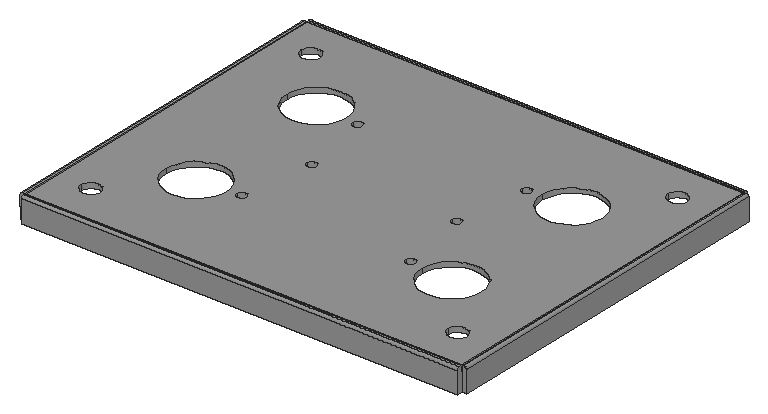
Revit family "Höhenerweiterung - HE 60UH2", category Generic Models, Revit 2017
Family settings
  Can host rebar = No
  Round Connector Dimension = Use Diameter
  Part Type = Normal
  Work Plane-Based = No
  Always vertical = Yes
  Cut with Voids When Loaded = No
  Shared = No
  Room Calculation Point = No
Parameters (values of type "HE 60UH2")
  URL = "http://www.obo-bettermann.com"
  Material = Stahl
  Manufacturer Art.No. = "7368418"
  Manufacturer = "OBO BETTERMANN"
  GTIN = "4012196692521"
  Article Type = "HE 60UH2"
Reference planes
  plane 1 "Center (Front/Back)": y = 0
  plane 2: z = 0
  plane 3 "Center (Left/Right)": x = 0
  plane 4: z = 2
  plane 5: x = 90.506
  plane 6: y = 73
  plane 7: x = 37.506
  plane 8: x = 143.506
  plane 9: y = 104
  plane 10: y = 42
  plane 11: x = 143.506
  plane 12: x = 37.506
  plane 13: y = 104
  plane 14: y = 42
  plane 15: x = 37.506
  plane 16: x = 143.506
  plane 17: y = 42
  plane 18: y = 104
  plane 19: x = 143.506
  plane 20: x = 37.506
  plane 21: y = 42
  plane 22: y = 104
  plane 23: y = 130
  plane 24: y = 16
  plane 25: x = 143.506
  plane 26: y = 104
  plane 27: through (181, 146, 1200) normal (0.7431, -0.6691, 0)
  plane 28: y = 16
  plane 29: y = 130
  plane 30: x = 143.506
  plane 31: y = 42
  plane 32: through (181, 0, 1200) normal (-0.7431, -0.6691, 0)
  plane 33: y = 16
  plane 34: y = 130
  plane 35: x = 37.506
  plane 36: y = 42
  plane 37: through (0.013, 0, 1200) normal (-0.7431, 0.6691, 0)
  plane 38: y = 130
  plane 39: y = 16
  plane 40: x = 37.506
  plane 41: y = 104
  plane 42: through (0.013, 146, 1200) normal (0.7431, 0.6691, 0)
  plane 43: x = 60.506
  plane 44: x = 120.506
  plane 45: x = 55.506
  plane 46: x = 125.506
  plane 47: y = 43
  plane 48: x = 60.506
  plane 49: x = 120.506
  plane 50: x = 55.506
  plane 51: x = 125.506
  plane 52: y = 103
  plane 53: x = 120.506
  plane 54: x = 60.506
  plane 55: x = 125.506
  plane 56: x = 55.506
  plane 57: y = 103
  plane 58: x = 120.506
  plane 59: x = 60.506
  plane 60: x = 125.506
  plane 61: x = 55.506
  plane 62: y = 43
  plane 63: x = 60.506
  plane 64: x = 120.506
  plane 65: x = 120.506
  plane 66: x = 60.506
Forms (mm)
  Extrusion 1, solid, material "Stahl" <- "Material"
    sketch origin (0, 0, 0) x (1, 0, 0) y (0, 1, 0)
      loop
        line (0, 0) -> (181, 0) -> (181, 146) -> (0, 146) -> (0, 0)
    from 0 to 2
  Extrusion 2, solid, material "Stahl" <- "Material"
    sketch origin (0, 0, 0) x (1, 0, 0) y (0, 0, 1)
      loop
        line (181, 2) -> (181, -8) -> (183.028, -8) -> (183.028, 0.999)
        arc (183.028, 0.999) -> (182.734, 1.707) -> (182.026, 2) r 1.001
        line (182.026, 2) -> (181, 2)
    from -146 to 0
  Extrusion 3, solid, material "Stahl" <- "Material"
    sketch origin (181.013, 0, 0) x (-1, 0, 0) y (0, 0, -1)
      loop
        line (181, -2) -> (182.026, -2)
        arc (182.026, -2) -> (182.734, -1.707) -> (183.028, -0.999) r 1.001
        line (183.028, -0.999) -> (183.028, 8) -> (181, 8) -> (181, -2)
    from -146 to 0
  Extrusion 4, solid, material "Stahl" <- "Material"
    sketch origin (0, 0, 0) x (0, 1, 0) y (0, 0, 1)
      loop
        line (146, 2) -> (146, -8) -> (147.982, -8) -> (147.982, 0.952)
        arc (147.982, 0.952) -> (147.676, 1.693) -> (146.935, 2) r 1.048
        line (146.935, 2) -> (146, 2)
    from 0 to 181
  Extrusion 5, solid, material "Stahl" <- "Material"
    sketch origin (0, 146, 0) x (0, -1, 0) y (0, 0, -1)
      loop
        line (146, -2) -> (146.935, -2)
        arc (146.935, -2) -> (147.676, -1.693) -> (147.982, -0.952) r 1.048
        line (147.982, -0.952) -> (147.982, 8) -> (146, 8) -> (146, -2)
    from 0 to 181
  Extrusion 6, void
    sketch origin (0, 0, 0) x (1, 0, 0) y (0, 1, 0)
      loop
        circle (143.506, 104.244) r 12.5
    from 0 to 2
  Extrusion 7, void
    sketch origin (181.013, 0, 0) x (-1, 0, 0) y (0, -1, 0)
      loop
        circle (143.506, -104.244) r 12.5
    from 0 to 2
  Extrusion 8, void
    sketch origin (0, 146, 0) x (1, 0, 0) y (0, 1, 0)
      loop
        circle (143.506, -104.244) r 12.5
    from 0 to 2
  Extrusion 9, void
    sketch origin (181.013, 146, 0) x (-1, 0, 0) y (0, -1, 0)
      loop
        circle (143.506, 104.244) r 12.5
    from 0 to 2
  Extrusion 10, void
    sketch origin (0, 0, 0) x (1, 0, 0) y (0, 1, 0)
      loop
        circle (166.594, 130) r 4
    from 0 to 2
  Extrusion 11, void
    sketch origin (0, 146, 0) x (1, 0, 0) y (0, 1, 0)
      loop
        circle (166.594, -130) r 4
    from 0 to 2
  Extrusion 12, void
    sketch origin (181.013, 146, 0) x (-1, 0, 0) y (0, -1, 0)
      loop
        circle (166.594, 130) r 4
    from 0 to 2
  Extrusion 13, void
    sketch origin (181.013, 0, 0) x (-1, 0, 0) y (0, -1, 0)
      loop
        circle (166.594, -130) r 4
    from 0 to 2
  Extrusion 14, void
    sketch origin (0, 0, 0) x (1, 0, 0) y (0, 1, 0)
      loop
        circle (125.506, 43) r 2
    from 0 to 2
  Extrusion 15, void
    sketch origin (0, 146, 0) x (1, 0, 0) y (0, 1, 0)
      loop
        circle (125.506, -43) r 2
    from 0 to 2
  Extrusion 16, void
    sketch origin (181.013, 146, 0) x (-1, 0, 0) y (0, -1, 0)
      loop
        circle (125.506, 43) r 2
    from 0 to 2
  Extrusion 17, void
    sketch origin (181.013, 0, 0) x (-1, 0, 0) y (0, -1, 0)
      loop
        circle (125.506, -43) r 2
    from 0 to 2
  Extrusion 18, void
    sketch origin (0, 0, 0) x (1, 0, 0) y (0, 1, 0)
      loop
        circle (120.506, 73) r 1.995
    from 0 to 2
  Extrusion 19, void
    sketch origin (181.013, 0, 0) x (-1, 0, 0) y (0, -1, 0)
      loop
        circle (120.506, -73) r 1.995
    from 0 to 2
Cuts and joins
  Extrusion 6, Extrusion 7, Extrusion 8, Extrusion 9, Extrusion 10, Extrusion 11, Extrusion 12, Extrusion 13, Extrusion 14, Extrusion 15, Extrusion 16, Extrusion 17, Extrusion 18, Extrusion 19 cuts Extrusion 1
Dimensions and locks
  locked: Extrusion 1 sketch curve to Extrusion 1 sketch curve at 146
  locked: Extrusion 1 sketch curve to Extrusion 1 sketch curve at 181
  locked: Extrusion 2 sketch curve to Extrusion 2 sketch curve at 10
  locked: Extrusion 2 sketch curve to Extrusion 2 sketch curve at 2.028
  locked: Extrusion 1 to plane 5 at 90.506
  locked: Extrusion 3 sketch curve to Extrusion 3 sketch curve at 10
  locked: Extrusion 3 sketch curve to Extrusion 3 sketch curve at 2.028
  locked: plane 6 to Extrusion 1 at 73
  locked: Extrusion 4 sketch curve to Extrusion 4 sketch curve at 10
  locked: Extrusion 2 to Extrusion 4 sketch curve at 1.982
  locked: Extrusion 5 sketch curve to Extrusion 5 sketch curve at 10
  locked: plane 8 to Extrusion 6 sketch curve at 12.5
  locked: plane 8 to Extrusion 6 sketch curve at 0
  locked: plane 12 to Extrusion 7 sketch curve at 12.5
  locked: plane 12 to Extrusion 7 sketch curve at 0
  locked: plane 16 to Extrusion 8 sketch curve at 12.5
  locked: plane 16 to Extrusion 8 sketch curve at 0
  locked: plane 20 to Extrusion 9 sketch curve at 12.5
  locked: plane 20 to Extrusion 9 sketch curve at 0
  locked: Extrusion 10 sketch curve to plane 23 at 4
  locked: plane 23 to Extrusion 10 sketch curve at 0
  locked: Extrusion 11 sketch curve to plane 28 at 4
  locked: plane 28 to Extrusion 11 sketch curve at 0
  locked: Extrusion 12 sketch curve to plane 33 at 4
  locked: plane 33 to Extrusion 12 sketch curve at 0
  locked: Extrusion 13 sketch curve to plane 38 at 4
  locked: plane 38 to Extrusion 13 sketch curve at 0
  locked: Extrusion 14 sketch curve to plane 47 at 2
  locked: plane 47 to Extrusion 14 sketch curve at 0
  locked: plane 6 to plane 47 at 30
  locked: plane 5 to plane 46 at 35
  locked: Extrusion 15 sketch curve to plane 52 at 2
  locked: plane 52 to Extrusion 15 sketch curve at 0
  locked: Extrusion 16 sketch curve to plane 57 at 2
  locked: plane 57 to Extrusion 16 sketch curve at 0
  locked: Extrusion 17 sketch curve to plane 62 at 2
  locked: plane 62 to Extrusion 17 sketch curve at 0
  locked: plane 6 to Extrusion 18 sketch curve at 1.995
  locked: plane 6 to Extrusion 18 sketch curve at 0
  aligned and locked: level to plane 2
  aligned and locked: plane 1 "Center (Front/Back)" to Extrusion 1 sketch curve
  aligned and locked: plane 1 "Center (Front/Back)" to Extrusion 1
  aligned and locked: Extrusion 1 to plane 3 "Center (Left/Right)"
  aligned and locked: Extrusion 1 to plane 4
  aligned and locked: Extrusion 2 to Extrusion 1
  aligned and locked: plane 1 "Center (Front/Back)" to Extrusion 2
  aligned and locked: Extrusion 1 to Extrusion 4
  aligned and locked: Extrusion 4 to plane 3 "Center (Left/Right)"
  aligned and locked: Extrusion 6 to level
  aligned and locked: Extrusion 1 to Extrusion 6
  aligned and locked: Extrusion 10 to level
  aligned and locked: Extrusion 1 to Extrusion 10
  aligned and locked: Extrusion 1 to Extrusion 11
  aligned and locked: Extrusion 12 to level
  aligned and locked: Extrusion 1 to Extrusion 13
  aligned and locked: Extrusion 1 to Extrusion 12
  aligned and locked: Extrusion 14 to level
  aligned and locked: Extrusion 1 to Extrusion 14
  aligned and locked: Extrusion 18 to level
  aligned and locked: Extrusion 1 to Extrusion 18
Automatic sketch dimensions
  Extrusion 1 sketch curve to plane 3 "Center (Left/Right)" = 0 mm
  Extrusion 2 sketch curve to plane 4 = 0 mm
  plane 5 to Extrusion 2 sketch curve = 90.494 mm
  level to Extrusion 2 sketch curve = 0.999 mm
  Extrusion 3 sketch curve to plane 4 = 0 mm
  Extrusion 3 sketch curve to plane 3 "Center (Left/Right)" = 0.013 mm
  Extrusion 3 sketch curve to level = 0.999 mm
  Extrusion 4 sketch curve to plane 4 = 0 mm
  Extrusion 4 sketch curve to Extrusion 4 sketch curve = 1.048 mm
  Extrusion 4 sketch curve to Extrusion 4 sketch curve = 1.982 mm
  Extrusion 5 sketch curve to plane 1 "Center (Front/Back)" = 0 mm
  Extrusion 5 sketch curve to plane 4 = 0 mm
  Extrusion 5 sketch curve to plane 1 "Center (Front/Back)" = 0.935 mm
  Extrusion 5 sketch curve to level = 0.952 mm
  plane 9 to Extrusion 6 sketch curve = 0.244 mm
  Extrusion 7 sketch curve to plane 13 = 0.244 mm
  Extrusion 8 sketch curve to plane 17 = 0.244 mm
  plane 21 to Extrusion 9 sketch curve = 0.244 mm
  plane 27 to Extrusion 10 sketch curve = 0 mm
  Extrusion 11 sketch curve to plane 32 = 0 mm
  Extrusion 12 sketch curve to plane 37 = 0 mm
  plane 42 to Extrusion 13 sketch curve = 0 mm
  Extrusion 14 sketch curve to plane 46 = 0 mm
  Extrusion 15 sketch curve to plane 51 = 0 mm
  Extrusion 16 sketch curve to plane 56 = 0 mm
  Extrusion 17 sketch curve to plane 61 = 0 mm
  Extrusion 18 sketch curve to plane 64 = 0 mm
  Extrusion 19 sketch curve to plane 6 = 0 mm
  Extrusion 19 sketch curve to plane 66 = 0 mm
  radius of Extrusion 19 sketch curve = 1.995 mm
